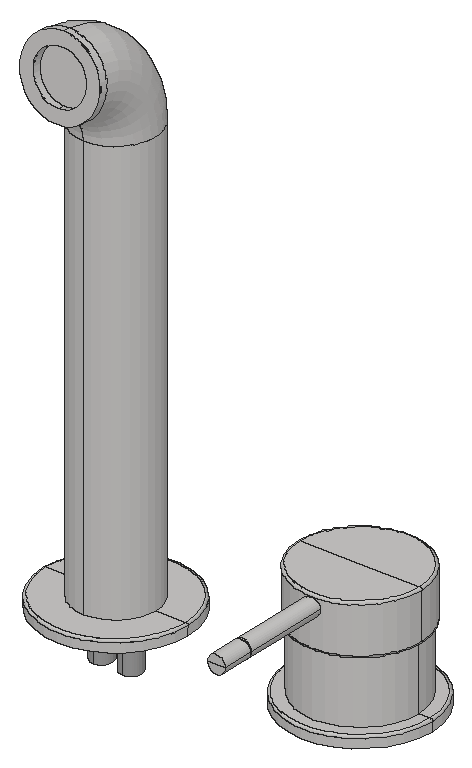
Revit family "PlumbingFixture_GroheLimited_Essence2HoleBasinMixerLSize_19967001_METRIC1", category Plumbing Fixtures, host Face, Revit 2015
Parameters (values of type "19967001")
  _DistributedBy = "www.bimstore.co.uk"
  _CurrentRevision = 1
  _CreatedBy = "www.bimstore.co.uk"
  _BimSpecGuid = 0
  _BSBibleVersion = 14
  _AuthorizedBy = "Kris Atkinson"
  _Author = "Ryan Lashley"
  Waste Connection = no
  WarrantyStartDate [instance] = "Please Record On Commissioning."
  WarrantyGuarantorParts = "info-uk@grohe.com"
  WarrantyGuarantorLabor = "info-uk@grohe.com"
  WarrantyDurationUnit = "Years"
  WarrantyDurationParts = "n/a"
  WarrantyDurationLabor = "n/a"
  WarrantyDescription = "n/a"
  WFU = 0
  Vent Connection = no
  URL = "www.grohe.com"
  TypeName = "Essence 2-hole basin mixer L-Size"
  Type Comments = "19967001"
  SpareParts = "n/a"
  Size = "n/a"
  Shape = "n/a"
  SerialNumber [instance] = "Please Record On Commissioning."
  ReplacementCost = "n/a"
  ReferencedStandard = "n/a"
  ProductionYear = "2017"
  ProductPageURL = "https://www.grohe.co.uk/en_gb/essence-2-hole-basin-mixer-l-size-19967001.html"
  ProductDocumentationLink = "https://www.grohe.co.uk/en_gb/essence-2-hole-basin-mixer-l-size-19967001.html"
  PrimaryMaterial = GroheLimited-Chorme
  PipeMaterial = GroheLimited-Pipework
  PercentageOfRecycledContent = "n/a"
  NominalLength = 0 mm
  NominalHeight = 0 mm
  NominalDepth = 0 mm
  NBSReference = "45-35-70/345"
  NBSOfficeMasterTag = "n/a"
  NBSObjectName = "Grohe Limited - Water supply fittings for sinks"
  NBSNote = ""
  NBSDescription = "Water supply fittings for sinks"
  ModelReference = "Essence 2-hole basin mixer L-Size"
  ModelNumber = "19967001"
  Model = "Essence 2-hole basin mixer L-Size"
  Material = "Chrome"
  MasterformatTitle = "Sanitary Facilities"
  MasterformatNumber = "01 52 19"
  ManufacturerName = "Grohe Limited"
  Manufacturer = "Grohe Limited"
  LowEmittingMaterial = no
  LEEDCredit = "n/a"
  Keynote = "N13"
  InstallationDate [instance] = "Please Record On Commissioning."
  IndustryStandards = "n/a"
  IfcExportType = "IfcPipeFittingType"
  IfcExportAs = "IfcPipeFitting"
  HotWaterConnectionDiameter = 10 mm
  HWFU = 4.5
  HW Connection = yes
  Grade = "n/a"
  Finish = "Chrome"
  Features = "This 2-hole bathroom tap of the GROHE Essence range comes with a separate spout of 230 mm length, for maximum comfort in your daily bathroom routines. The spray angle of the spout can be adjusted precisely with the integrated GROHE AquaGuide. Even at full volume, your water consumption will never exceed 5.7 litres per minute thanks to the GROHE EcoJoy technology. Crafted in cylindrical shapes and finished in lustrous GROHE StarLight chrome, this single-lever mixer will make an elegant addition to your bathroom. To install this tap, please purchase the matching GROHE concealed body (32635000). Water volume and temperature can be controlled smoothly and effortlessly with the GROHE SilkMove cartridge incorporated in the concealed body."
  ExpectedLife = 0
  Ecojoy = no
  DurationUnit = "Years"
  DocumentationTechnical = "n/a"
  DocumentationMaintenance = "n/a"
  DocumentationLiterature = "n/a"
  DocumentationInstallationGuide = "n/a"
  DocumentationCertificates = "n/a"
  Description = "This 2-hole bathroom tap of the GROHE Essence range comes with a separate spout of 230 mm length, for maximum comfort in your daily bathroom routines. The spray angle of the spout can be adjusted precisely with the integrated GROHE AquaGuide. Even at full volume, your water consumption will never exceed 5.7 litres per minute thanks to the GROHE EcoJoy technology. Crafted in cylindrical shapes and finished in lustrous GROHE StarLight chrome, this single-lever mixer will make an elegant addition to your bathroom. To install this tap, please purchase the matching GROHE concealed body (32635000). Water volume and temperature can be controlled smoothly and effortlessly with the GROHE SilkMove cartridge incorporated in the concealed body."
  Default Elevation = 0 mm
  CreatedOn = "2017-06-01T09:00:00"
  CreatedBy = "info-uk@grohe.com"
  Cost = 0
  Constituents = "n/a"
  Color = "Chrome"
  ColdWaterConnectionDiameter = 10 mm
  CodePerformance = "n/a"
  ClassificationValue = "Pr_40_20_87_82"
  ClassificationName = "Uniclass2015"
  CWFU = 4.5
  CW Connection = yes
  BarCode [instance] = "Please Record On Commissioning."
  BIMObjectName = "PlumbingFixture_GroheLimited_Essence2HoleBasinMixerLSize_19967001_METRIC"
  AssetType = "Fixed"
  AssetIdentifier [instance] = "Please Record On Commissioning."
  Assembly Code = "D2010"
  AccessibilityPerformance = "n/a"
  ADACompliant = no
Types (10, lengths in mm): name | Type Comments | PrimaryMaterial | ModelNumber | Material | Finish | Color
  (no name) | "19967001" | GroheLimited-Chorme | "19967001" | "Chrome" | "Chrome" | "Chrome"
  19967001 | "19967001" | GroheLimited-Chorme | "19967001" | "Chrome" | "Chrome" | "Chrome"
  19967A01 | "19967A01" | GroheLimited-HardGraphite | "19967A01" | "Hard Graphite" | "Hard Graphite" | "Hard Graphite"
  19967AL1 | "19967AL1" | GroheLimited-BrushedHardGraphite | "19967AL1" | "Brushed Hard Graphite" | "Brushed Hard Graphite" | "Brushed Hard Graphite"
  19967BE1 | "19967BE1" | GroheLimited-Nickel | "19967BE1" | "Nickel" | "Nickel" | "Nickel"
  19967DA1 | "19967DA1" | GroheLimited-WarmSunset | "19967DA1" | "Warm Sunset" | "Warm Sunset" | "Warm Sunset"
  19967DL1 | "19967DL1" | GroheLimited-BrushedWarmSunset | "19967DL1" | "Brushed Warm Sunset" | "Brushed Warm Sunset" | "Brushed Warm Sunset"
  19967EN1 | "19967EN1" | GroheLimited-BrushedNickel | "19967EN1" | "Brushed Nickel" | "Brushed Nickel" | "Brushed Nickel"
  19967GL1 | "19967GL1" | GroheLimited-CoolSunrise | "19967GL1" | "Cool Sunrise" | "Cool Sunrise" | "Cool Sunrise"
  19967GN1 | "19967GN1" | GroheLimited-BrushedCoolSunrise | "19967GN1" | "Brushed Cool Sunrise" | "Brushed Cool Sunrise" | "Brushed Cool Sunrise"
Reference planes
  plane 1 "Center (Front/Back)": y = 0
  plane 2: z = 0
  plane 3 "Center (Left/Right)": x = 0
  plane 4: z = 0
  plane 5: z = 5
  plane 6: z = 230
  plane 7: x = -54.797
  plane 8: x = 54.797
  plane 9: z = 50.757
Forms (mm)
  Sweep 1, solid, material "GroheLimited-Pipework" <- "PipeMaterial"
    path in 3D
      loop
        line (-47.922, 0, 0) -> (-47.922, 0, -22.649)
    profile origin (-47.922, 0, -11.324) x (0, -1, 0) y (1, 0, 0)
      loop
        circle (0, 0) r 4.75
  Sweep 2, solid, material "GroheLimited-Pipework" <- "PipeMaterial"
    path in 3D
      loop
        line (-61.047, 0, 0) -> (-61.047, 0, -22.649)
    profile origin (-61.047, 0, -11.324) x (0, -1, 0) y (1, 0, 0)
      loop
        circle (0, 0) r 4.75
  Sweep 3, solid, material "GroheLimited-Chorme" <- "PrimaryMaterial"
    path in 3D
      loop
        line (-54.797, 0, 5) -> (-54.797, 0, 195.354)
        arc (-54.797, 0, 195.354) -> (-54.797, -7.932, 216.063) -> (-54.797, -27.668, 226.174) r 31
        line (-54.797, -27.668, 226.174) -> (-54.797, -31.223, 226.559)
    profile origin (-54.797, 0, 100.177) x (0, 1, 0) y (-1, 0, 0)
      loop
        circle (0, 0) r 18
  Revolve 4, solid, material "GroheLimited-Chorme" <- "PrimaryMaterial"
    sketch origin (-140.22, 0, 0) x (1, 0, 0) y (0, 0, 1)
      loop
        line (195.016, 56) -> (195.016, 0) -> (227.516, 0) -> (227.516, 4)
        arc (227.516, 4) -> (227.224, 4.707) -> (226.516, 5) r 1
        line (226.516, 5) -> (221.329, 5) -> (221.329, 34.871)
        arc (221.329, 34.871) -> (221.475, 34.299) -> (221.878, 33.867) r 1.193
        arc (221.878, 33.867) -> (222.414, 33.848) -> (222.688, 34.31) r 0.526
        line (222.688, 34.31) -> (222.688, 55)
        arc (222.688, 55) -> (222.395, 55.707) -> (221.688, 56) r 1
        line (221.688, 56) -> (195.016, 56)
      axis (195.016, 56) -> (195.016, 0)
    angle from 0 to 360
  Revolve 5, solid, material "GroheLimited-Chorme" <- "PrimaryMaterial"
    sketch origin (-140.22, -80.311, 50.757) x (-1, 0, 0) y (0, -1, 0)
      loop
        line (-199.016, 0) -> (-199.016, -13.67)
        arc (-199.016, -13.67) -> (-198.638, -14.133) -> (-199.016, -14.596) r 0.473
        line (-199.016, -14.596) -> (-199.016, -75) -> (-195.016, -75) -> (-195.016, 0) -> (-199.016, 0)
      axis (-195.016, -75) -> (-195.016, 0)
    angle from 0 to 360
  Revolve 6, solid, material "GroheLimited-Chorme" <- "PrimaryMaterial"
    sketch origin (0, 0, 0) x (1, 0, 0) y (0, 0, 1)
      loop
        line (-54.797, 5) -> (-54.797, 0) -> (-22.297, 0) -> (-22.297, 4)
        arc (-22.297, 4) -> (-22.589, 4.707) -> (-23.297, 5) r 1
        line (-23.297, 5) -> (-54.797, 5)
      axis (-54.797, 0) -> (-54.797, 5)
    angle from 0 to 360
  Sweep 7, void
    path in 3D
      loop
        line (-54.797, -27.668, 226.174) -> (-54.797, -31.223, 226.559)
    profile origin (-54.797, -29.445, 226.367) x (0, 0.10748, 0.994207) y (-1, 0, 0)
      loop
        circle (0, 0) r 12
Cuts and joins
  Sweep 7 cuts Sweep 3
  joined: Sweep 3, Revolve 4, Revolve 5, Revolve 6
Lines and regions (mm)
  sketch lines
    curve 1: line (-47.922, 0, 0) -> (-47.922, 0, -22.649)
    curve 2: line (-61.047, 0, 0) -> (-61.047, 0, -22.649)
    curve 3: line (-54.797, 0, 5) -> (-54.797, 0, 195.354)
    curve 4: arc (-54.797, 0, 195.354) -> (-54.797, -7.932, 216.063) -> (-54.797, -27.668, 226.174) r 31
    curve 5: line (-54.797, -27.668, 226.174) -> (-54.797, -31.223, 226.559)
    curve 6: line (-54.797, -27.668, 226.174) -> (-54.797, -31.223, 226.559)
Dimensions and locks
  plane 6 to host face = 230 mm
  equal spacing: plane 7, plane 3 "Center (Left/Right)", plane 8
  plane 7 to plane 8 = 109.593 mm
  aligned and locked: plane 2 to host face
  aligned and locked: level to host face
  aligned and locked: Revolve 4 sketch curve to plane 8
  aligned and locked: Revolve 4 sketch curve to plane 5
  aligned and locked: Revolve 5 sketch curve to plane 8
  aligned and locked: Revolve 6 sketch curve to plane 7
Automatic sketch dimensions
  host sketch curve to host sketch curve = 2438.4 mm  (x2)
  Sweep 1 sketch curve to profile plane = 0 mm
  profile plane to Sweep 1 sketch curve = 0 mm
  Sweep 2 sketch curve to profile plane = 0 mm
  profile plane to Sweep 2 sketch curve = 0 mm
  profile plane to Sweep 3 sketch curve = 0 mm
  Sweep 3 sketch curve to profile plane = 0 mm
  Revolve 4 sketch curve to plane 8 = 0 mm
  Revolve 4 sketch curve to level = 0 mm
  plane 8 to Revolve 4 sketch curve = 26.312 mm
  Revolve 4 sketch curve to plane 9 = 4.243 mm
  Revolve 4 sketch curve to Revolve 4 sketch curve = 0.359 mm
  Revolve 4 sketch curve to Revolve 4 sketch curve = 0.833 mm
  Revolve 4 sketch curve to Revolve 4 sketch curve = 0.36 mm
  Revolve 4 sketch curve to Revolve 4 sketch curve = 0.526 mm
  plane 5 to Revolve 4 sketch curve = 1 mm
  Revolve 4 sketch curve to Revolve 4 sketch curve = 5.187 mm
  plane 9 to Revolve 4 sketch curve = 16.447 mm
  Revolve 4 sketch curve to Revolve 4 sketch curve = 0.561 mm
  Revolve 4 sketch curve to level = 304.8 mm
  plane 6 to Revolve 4 sketch curve = 2245.4 mm
  Revolve 5 sketch curve to plane 8 = 0 mm
  plane 8 to Revolve 5 sketch curve = 4 mm  (x2)
  Revolve 5 sketch curve to Revolve 5 sketch curve = 0.094 mm
  plane 1 "Center (Front/Back)" to Revolve 5 sketch curve = 5.311 mm
  Revolve 5 sketch curve to Revolve 5 sketch curve = 60.404 mm
  Revolve 5 sketch curve to Revolve 5 sketch curve = 0.463 mm
  Revolve 5 sketch curve to Revolve 5 sketch curve = 13.67 mm
  Revolve 5 sketch curve to plane 1 "Center (Front/Back)" = 117.3 mm
  Revolve 5 sketch curve to Revolve 5 sketch curve = 26.887 mm
  Revolve 6 sketch curve to plane 5 = 0 mm
  plane 7 to Revolve 6 sketch curve = 0 mm
  Revolve 6 sketch curve to level = 0 mm
  Revolve 6 sketch curve to plane 3 "Center (Left/Right)" = 23.297 mm
  Revolve 6 sketch curve to Revolve 6 sketch curve = 1 mm
  Revolve 6 sketch curve to Revolve 6 sketch curve = 304.8 mm
  plane 6 to Revolve 6 sketch curve = 2245.4 mm
  profile plane to Sweep 7 sketch curve = 0 mm
  Sweep 7 sketch curve to profile plane = 0 mm
  radius of Sweep 1 sketch curve = 4.75 mm
  radius of Sweep 2 sketch curve = 4.75 mm
  radius of Sweep 3 sketch curve = 18 mm
  radius of Sweep 7 sketch curve = 12 mm
Connectors
  piping at (-61.047, 0, -22.649), diameter 10, driven by "HotWaterConnectionDiameter", driven by "HWFU"
    settings: on Sweep 2, index 1, connector inside diameter 24", connector length 0 mm, flow factor 0, pipe flow 0 GPM, pressure drop 0.00 psi, fitting loss kfactor 0, connector angle 0.00°, fixture units 4.5, engagement length 0 mm, angle of deflection 0.00°, flow configuration 3, flow direction 1, fitting loss method 4, system type 19, joint type 0, gender type 0, connector reference index -1, connector utility 0, adjustable connector no, is connector primary yes, connector description ""
  piping at (-47.922, 0, -22.649), diameter 10, driven by "ColdWaterConnectionDiameter", driven by "CWFU"
    settings: on Sweep 1, index 2, connector inside diameter 24", connector length 0 mm, flow factor 0, pipe flow 0 GPM, pressure drop 0.00 psi, fitting loss kfactor 0, connector angle 0.00°, fixture units 4.5, engagement length 0 mm, angle of deflection 0.00°, flow configuration 3, flow direction 1, fitting loss method 4, system type 20, joint type 0, gender type 0, connector reference index -1, connector utility 0, adjustable connector no, is connector primary no, connector description ""
